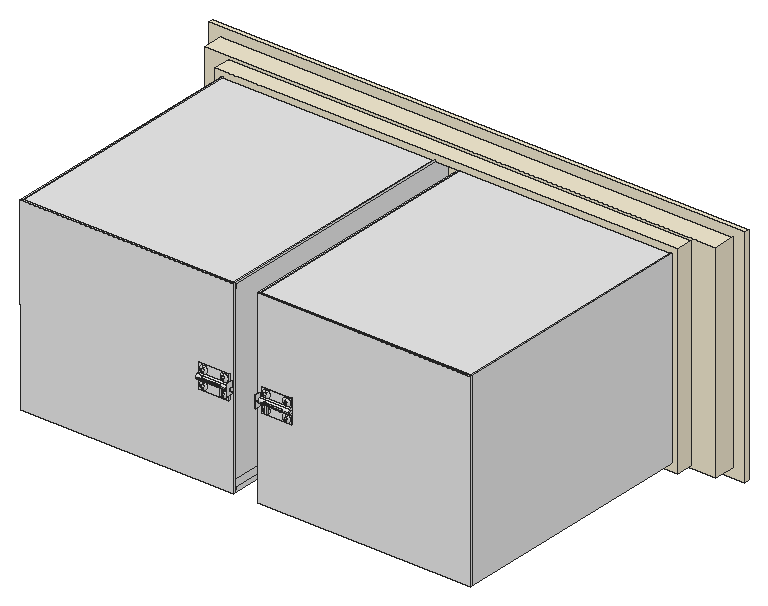
Revit family "Mailboxes_4C-Salsbury_Industries-Rear_Load-3_Door_High_Units", category Specialty Equipment, host Wall, Revit 2016
Family settings
  Host = Wall
  Part Type = Normal
  Round Connector Dimension = Use Diameter
  OmniClass Number = 23.40.90.14.11
  OmniClass Title = Mail Boxes
  Always vertical = Yes
  Cut with Voids When Loaded = No
  Shared = No
  Room Calculation Point = No
Parameters (values of type "3703D-04 RL")
  Width = 31.09766"
  URL = "www.mailboxes.com"
  OmniClass 23 Title = "Mail Boxes"
  OmniClass 23 Number = "23.40.90.14.11"
  Latch Lock-Right Side = yes
  Visible Door Number [instance] = yes
  Vertical Center Divider = yes
  Version = "3.0 (06/30/17)"
  Type Comments = "4C Standard Horizontal Mailbox - Rear Loading"
  Top Back Plate = no
  Right Inside Wall = yes
  Model = "3703D-04 RL"
  MasterFormat Title = "Postal Specialties"
  MasterFormat Number = "10 55 00"
  Manufacturer = "Salsbury Industries"
  Lock Material = Stainless Steel - Salsbury Finish -  Polished
  Left Inside Wall = yes
  Latch Lock-Left Side = yes
  Latch Distance = 5.463"
  Latch Alignment = 14.857"
  Keynote = ""
  Height = 13.000"
  Front Panel Material [instance] = Paint - Salsbury Finish - Sandstone
  Door Slot R3 Number [instance] = "0"
  Door Slot R3 = 3700 Series 4C OM2 Configuration : OM2-RL
  Door Slot R2 Number [instance] = "0"
  Door Slot R2 = 3700 Series 4C Door Configurations : Empty
  Door Slot R1 Number [instance] = "4"
  Door Slot R1 = 3700 Series 4C Door Configurations : MB1 Door
  Door Slot L3 Number [instance] = "3"
  Door Slot L3 = 3700 Series 4C Door Configurations : MB1 Door w/ Divider
  Door Slot L2 Number [instance] = "2"
  Door Slot L2 = 3700 Series 4C Door Configurations : MB1 Door w/ Divider
  Door Slot L1 Number [instance] = "1"
  Door Slot L1 = 3700 Series 4C Door Configurations : MB1 Door
  Description = "3 Door High Unit:  4 MB1, OM2"
  Depth = 17.025"
  Center Extrusion Offset [instance] = 0.000"
  Bottom Back Plate = no
  Back Enclosure Material = Aluminum - Salsbury Finish - Anodized
  Assembly Description = "Mailboxes"
  Assembly Code = "C1030910"
  Above Finished Floor (AFF-Bottom of Unit) [instance] = 26.683"
  Above Finished Floor (AFF-Bottom Shelf) [instance] = 28.000"
Reference planes (in)
  plane 1 "Wall Centerline": y = 0
  plane 2 "Center (Left/Right)": x = 0
  plane 3 "Front": y = 3
  plane 4 "15" AFF": z = 28
  plane 5 "28" AFF": z = 28
  plane 6 "36" AFF": z = 36
  plane 7 "48" AFF": z = 48
  plane 8 "Bottom of Unit": z = 26.683
  plane 9 "Top of Unit": z = 39.683
  plane 10 "Left Side of Unit": x = 15.54883
  plane 11 "Right Side of Unit": x = -15.54883
  plane 12 "28" AFF_Bottom of Unit": z = 26.683
  plane 13 "Top Horiz Trim Align": z = 38.85225
  plane 14 "Bottom Horiz Trim Align": z = 27.515
  plane 15 "Left Trim Align": x = 14.716
  plane 16 "Right Trim Align": x = -14.716
  plane 17 "Left Door Align": x = 14.06641
  plane 18 "Right Door Align": x = -14.06641
  plane 19 "Top Horiz Door Align": z = 38.26125
  plane 20 "Bottom Horiz Door Align": z = 28
  plane 21 "Front Face of Unit": y = 3.265
  plane 22 "Top Housing Align": z = 39.179
  plane 23 "Top Collar Align": z = 39.031
  plane 24 "Top Box Align": z = 38.676
  plane 25 "Vertical Housing Align": y = 1.795
  plane 26 "Vertical Collar Align": y = 0.795
  plane 27 "Back of Unit": y = -13.76
  plane 28 "Bottom Housing Align": z = 27.187
  plane 29 "Bottom Collar Align": z = 27.335
  plane 30 "Bottom Box Align": z = 27.75
  plane 31 "Door Alignment": y = 2.66809
  plane 32 "Right Housing Align": x = -14.84183
  plane 33 "Right Collar Align": x = -13.40883
  plane 34 "Right Box Side Align": x = -13.08083
  plane 35 "Left Housing Align": x = 14.84183
  plane 36 "Left Collar Align": x = 13.40883
  plane 37 "Left Side Box Align": x = 13.08083
  plane 38 "Top Back Plate Align": z = 37.897
  plane 39 "Bottom Back Plate Align": z = 28.499
  plane 40 "Back": y = -3
  plane 41 "RO Left Side": x = 15.17383
  plane 42 "RO Right Side": x = -15.17383
  plane 43 "RO Bottom": z = 27.058
  plane 44 "RO Top": z = 39.308
  plane 45 "Horiz Centerline": z = 42.04237
  plane 46: z = 27.885
  plane 47: x = 12.99983
  plane 48: x = 12.92758
  plane 49 "Center Extrusion": x = 0
  plane 50 "Center Extrusion Offset": x = 0
  plane 51 "Row 3 Top Align": z = 31.5
  plane 52 "Row 2 Top Align": z = 35
  plane 53 "Row 16 Top Align-Private": z = 31.5
  plane 54 "Row 15 Top Align-Private": z = 35
  plane 55 "Row 14 Top Align-Private": z = 38.5
  plane 56 "Row 13 Top Align-Private": z = 42
  plane 57 "Row 12 Top Align-Private": z = 45.5
  plane 58 "Row 11 Top Align-Private": z = 49
  plane 59 "Row 10 Top Align-Private": z = 52.25
  plane 60 "Row 9 Top Align-Private": z = 55.75
  plane 61 "Row 8 Top Align-Private": z = 59.25
  plane 62 "Top of Face Gap": z = 61.25
  plane 63 "Bottom Latch Align": z = 33.213
  plane 64 "Right Latch Align": x = -0.69183
  plane 65 "Left Latch Align": x = 0.69098
  plane 66 "Latch Alignment Edge": x = -15.54883
  plane 67: x = -12.92783
  plane 68: x = -12.99983
  plane 69: y = -13.84203
  plane 70: x = -2
  plane 71: x = -0.7705
  plane 72: x = 0.7705
  plane 73: x = 2
  plane 74: y = -13.67797
  plane 75: x = -0.69098
  plane 76: x = 0.69183
  plane 77: z = 36.397
  plane 78: z = 29.999
  plane 79: z = 38.31729
  plane 80: z = 28.41625
  plane 81: z = 27.446
  plane 82: z = 28.055
Forms (in)
  Extrusion 1, void
    sketch origin (0, 3, 0) x (1, 0, 0) y (0, 0, 1)
      loop
        line (15.17383, 39.308) -> (-15.17383, 39.308) -> (-15.17383, 27.058) -> (15.17383, 27.058) -> (15.17383, 39.308)
    from 0 to 15.27914
  Extrusion 2, solid, material "Paint - Salsbury Finish - Sandstone" <- "Front Panel Material"
    sketch origin (0, 3, 0) x (1, 0, 0) y (0, 0, 1)
      loop
        line (15.54883, 39.683) -> (-15.54883, 39.683) -> (-15.54883, 26.683) -> (15.54883, 26.683) -> (15.54883, 39.683)
    from -0.265 to 0
  Extrusion 3, void
    sketch origin (0, 3.265, 0.00774) x (0, 0, -1) y (-1, 0, 0)
      loop
        line (-38.84451, -14.716) -> (-27.50726, -14.716) -> (-27.50726, 14.716) -> (-38.84451, 14.716) -> (-38.84451, -14.716)
    from -0.265 to 0
  Extrusion 4, solid, material "Paint - Salsbury Finish - Sandstone" <- "Front Panel Material"
    sketch origin (14.98214, 3.265, -1.67978) x (0, 0, -1) y (-1, 0, 0)
      loop
        line (-40.53203, 29.69814) -> (-40.53203, 29.04855) -> (-29.19478, 29.04855) -> (-29.19478, 29.69814) -> (-40.53203, 29.69814)
    from 0 to -0.265
  Extrusion 5, solid, material "Paint - Salsbury Finish - Sandstone" <- "Front Panel Material"
    sketch origin (0, 3.265, 0) x (0, 0, -1) y (-1, 0, 0)
      loop
        line (-27.515, -14.06641) -> (-27.515, 14.06641) -> (-28, 14.06641) -> (-28, -14.06641) -> (-27.515, -14.06641)
    from -0.265 to 0
  Extrusion 6, solid, material "Paint - Salsbury Finish - Sandstone" <- "Front Panel Material"
    sketch origin (0, 3, 84.08475) x (1, 0, 0) y (0, 0, 1)
      loop
        line (-14.84183, -56.89775) -> (14.84183, -56.89775) -> (14.84183, -44.90575) -> (-14.84183, -44.90575) -> (-14.84183, -56.89775)
    from 0 to 1.205
  Extrusion 7, solid, material "Paint - Salsbury Finish - Sandstone" <- "Front Panel Material"
    sketch origin (0, 1.795, 0) x (0, 0, 1) y (-1, 0, 0)
      loop
        line (27.335, 13.40883) -> (27.335, -13.40883) -> (39.031, -13.40883) -> (39.031, 13.40883) -> (27.335, 13.40883)
    from 0 to 1
  Extrusion 8, void
    sketch origin (0, 1.795, 0) x (0, 0, 1) y (-1, 0, 0)
      loop
        line (38.676, 13.08083) -> (27.75, 13.08083) -> (27.75, -13.08083) -> (38.676, -13.08083) -> (38.676, 13.08083)
    from 0 to 1
  Extrusion 9, solid, material "Paint - Salsbury Finish - Sandstone" <- "Front Panel Material"
    sketch origin (0, 3.265, 0) x (0, 0, -1) y (-1, 0, 0)
      loop
        line (-38.85225, -14.716) -> (-27.515, -14.716) -> (-27.515, -14.06641) -> (-38.85225, -14.06641) -> (-38.85225, -14.716)
    from 0 to -0.265
  Extrusion 10, solid, material "Paint - Salsbury Finish - Sandstone" <- "Front Panel Material"
    sketch origin (0, 3.265, 0) x (0, 0, -1) y (-1, 0, 0)
      loop
        line (-38.85225, -14.06641) -> (-38.26125, -14.06641) -> (-38.26125, 14.06641) -> (-38.85225, 14.06641) -> (-38.85225, -14.06641)
    from -0.265 to 0
  Extrusion 11, void
    sketch origin (0, 1.795, 0) x (0, 0, 1) y (-1, 0, 0)
      loop
        line (39.031, -13.40883) -> (39.031, 13.40883) -> (27.335, 13.40883) -> (27.335, -13.40883) -> (39.031, -13.40883)
    from -1.124 to 0
  Extrusion 12, void
    sketch origin (0, 3, 0) x (1, 0, 0) y (0, 0, 1)
      loop
        line (14.06641, 39.031) -> (-14.06641, 39.031) -> (-14.06641, 27.335) -> (14.06641, 27.335) -> (14.06641, 39.031)
    from 0 to 0.33191
  Extrusion 13, solid, material "Aluminum - Salsbury Finish - Anodized" <- "Back Enclosure Material"
    sketch origin (-0.58189, 1.795, 0) x (0, 0, 1) y (-1, 0, 0)
      loop
        line (38.676, 12.49894) -> (27.75, 12.49894) -> (27.75, 12.41794) -> (38.676, 12.41794) -> (38.676, 12.49894)
    from 0 to 15.47297
  Extrusion 14, solid, material "Aluminum - Salsbury Finish - Anodized" <- "Back Enclosure Material", visible <- "Right Inside Wall"
    sketch origin (11.7675, 1.795, 0) x (0, 0, 1) y (-1, 0, 0)
      loop
        line (38.676, 12.538) -> (27.75, 12.538) -> (27.75, 12.45933) -> (38.676, 12.45933) -> (38.676, 12.538)
    from 0 to 15.47297
  Extrusion 15, solid, material "Aluminum - Salsbury Finish - Anodized" <- "Back Enclosure Material"
    sketch origin (0.54283, 1.795, 0) x (0, 0, 1) y (-1, 0, 0)
      loop
        line (38.676, -12.538) -> (38.676, -12.457) -> (27.75, -12.457) -> (27.75, -12.538) -> (38.676, -12.538)
    from 0 to 15.47297
  Extrusion 16, solid, material "Aluminum - Salsbury Finish - Anodized" <- "Back Enclosure Material", visible <- "Left Inside Wall"
    sketch origin (-11.7675, 1.795, 0) x (0, 0, 1) y (-1, 0, 0)
      loop
        line (38.676, -12.538) -> (38.676, -12.45849) -> (27.75, -12.45849) -> (27.75, -12.538) -> (38.676, -12.538)
    from 0 to 15.47297
  Extrusion 17, solid, material "Aluminum - Salsbury Finish - Anodized" <- "Back Enclosure Material"
    sketch origin (0, -13.76, 0) x (0, 0, 1) y (-1, 0, 0)
      loop
        line (38.676, 13.08083) -> (27.75, 13.08083) -> (27.75, -13.08083) -> (38.676, -13.08083) -> (38.676, 13.08083)
    from -0.08203 to 0
  Extrusion 18, solid, material "Aluminum - Salsbury Finish - Anodized" <- "Back Enclosure Material"
    sketch origin (-0.15625, 0, 38.676) x (0, 1, 0) y (-1, 0, 0)
      loop
        line (1.795, 12.84358) -> (-13.67797, 12.84358) -> (-13.67797, -13.15608) -> (1.795, -13.15608) -> (1.795, 12.84358)
    from -0.35871 to 0
  Extrusion 19, void
    sketch origin (0, 0, 38.676) x (0, 1, 0) y (-1, 0, 0)
      loop
        line (1.7325, 12.93342) -> (-13.61547, 12.93342) -> (-13.61547, -12.92758) -> (1.7325, -12.92758) -> (1.7325, 12.93342)
    from -0.0723 to -0.6459
  Extrusion 20, solid, material "Aluminum - Salsbury Finish - Anodized" <- "Back Enclosure Material"
    sketch origin (0, 0, 15.41625) x (1, 0, 0) y (0, 1, 0)
      loop
        line (-12.99983, 1.795) -> (-12.99983, -13.67797) -> (12.99983, -13.67797) -> (12.99983, 1.795) -> (-12.99983, 1.795)
    from 12.46875 to 13
  Extrusion 21, void
    sketch origin (0, 0, 27.91625) x (1, 0, 0) y (0, 1, 0)
      loop
        line (-12.93342, 1.7325) -> (-12.93342, -13.61547) -> (12.92758, -13.61547) -> (12.92758, 1.7325) -> (-12.93342, 1.7325)
    from 0.13875 to -0.47025
  Extrusion 22, solid, material "Aluminum - Salsbury Finish - Anodized" <- "Back Enclosure Material", visible <- "Top Back Plate", detail levels medium+fine
    sketch origin (0, -13.76, 0) x (0, 0, 1) y (-1, 0, 0)
      loop
        line (37.897, 2) -> (36.397, 2) -> (36.397, -2) -> (37.897, -2) -> (37.897, 2)
    from 0 to 0.08203
  Extrusion 23, solid, material "Aluminum - Salsbury Finish - Anodized" <- "Back Enclosure Material", visible <- "Bottom Back Plate", detail levels medium+fine
    sketch origin (0, -13.76, 84.11475) x (0, 0, -1) y (1, 0, 0)
      loop
        line (55.61575, -2) -> (55.61575, 2) -> (54.11575, 2) -> (54.11575, -2) -> (55.61575, -2)
    from 0 to 0.08203
  Extrusion 24, void
    sketch origin (0, 0, 0) x (0, 0, -1) y (0, 1, 0)
      loop
        line (-38.676, 1.795) -> (-38.676, -13.76) -> (-27.75, -13.76) -> (-27.75, 1.795) -> (-27.515, 1.795) -> (-27.515, 3.265) -> (-38.85225, 3.265) -> (-38.85225, 1.795) -> (-38.676, 1.795)
    from -0.69098 to 0.69183
  Extrusion 25, solid, material "Paint - Salsbury Finish - Sandstone" <- "Front Panel Material", visible <- "Vertical Center Divider"
    sketch origin (-0.77934, 3.265, 0) x (0, 0, -1) y (-1, 0, 0)
      loop
        line (-38.85225, -1.47033) -> (-27.515, -1.47033) -> (-27.515, -0.08752) -> (-38.85225, -0.08752) -> (-38.85225, -1.47033)
    from 0 to -1.47
Cuts and joins
  Extrusion 3, Extrusion 11, Extrusion 24 cuts Extrusion 2
  Extrusion 8, Extrusion 11, Extrusion 12, Extrusion 24 cuts Extrusion 5
  Extrusion 8, Extrusion 12, Extrusion 19, Extrusion 24 cuts Extrusion 7
  Extrusion 11, Extrusion 12, Extrusion 24 cuts Extrusion 10
  Extrusion 11, Extrusion 12 cuts Extrusion 6
  Extrusion 12 cuts Extrusion 4
  Extrusion 12 cuts Extrusion 9
  Extrusion 19, Extrusion 21, Extrusion 24 cuts Extrusion 18
  Extrusion 21, Extrusion 24 cuts Extrusion 20
  Extrusion 24 cuts Extrusion 17
  Extrusion 24 cuts Extrusion 22
  Extrusion 24 cuts Extrusion 23
Lines and regions (in)
  model lines
    curve 1: line (15.54883, 3.265, 39.683) -> (14.716, 3.265, 38.85225)
    curve 2: line (-15.54883, 3.265, 39.683) -> (-14.716, 3.265, 38.85225)
    curve 3: line (-15.54883, 3.265, 26.683) -> (-14.716, 3.265, 27.515)
    curve 4: line (15.54883, 3.265, 26.683) -> (14.716, 3.265, 27.515)
  reference lines
    curve 5: line (-14.06641, 2.66809, 26.683) -> (-14.06641, 2.66809, 39.683)
    curve 6: line (14.06641, 2.66809, 26.683) -> (14.06641, 2.66809, 39.683)
  symbolic lines
    curve 7: line (-13.08083, -13.76, 28) -> (13.08083, -13.76, 28)
    curve 8: line (-13.08083, 0.795, 28) -> (-13.08083, -13.76, 28)
    curve 9: line (13.40883, 0.795, 28) -> (-13.40883, 0.795, 28)
    curve 10: line (13.08083, -13.76, 28) -> (13.08083, 0.795, 28)
    curve 11: line (13.40883, 0.795, 28) -> (13.40883, 1.795, 28)
    curve 12: line (-13.40883, 0.795, 28) -> (-13.40883, 1.795, 28)
    curve 13: line (-14.84183, 3, 28) -> (-14.84183, 1.795, 28)
    curve 14: line (-14.84183, 1.795, 28) -> (14.84183, 1.795, 28)
    curve 15: line (14.84183, 1.795, 28) -> (14.84183, 3, 28)
    curve 16: line (-15.54883, 3.265, 28) -> (15.54883, 3.265, 28)
    curve 17: line (-15.54883, 3, 28) -> (-15.54883, 3.265, 28)
    curve 18: line (15.54883, 3, 28) -> (-15.54883, 3, 28)
    curve 19: line (15.54883, 3.265, 28) -> (15.54883, 3, 28)
    curve 20: line (-14.06641, 3.265, 28) -> (-14.06641, 4.43, 28)
    curve 21: line (-14.06641, 4.43, 28) -> (-0.69183, 4.43, 28)
    curve 22: line (-0.69183, 4.43, 28) -> (-0.69183, 3.265, 28)
Text (in)
  text "Placement Side" at (0, 40.15149, 123.01588), in view "Right"
  text "Placement Side" at (-58.6842, 42.74981, 0), in view "Ref. Level"
  text "Placement Side" at (0, 47.49176, 140.59947), in view "Left"
Dimensions and locks (in)
  locked: plane 3 "Front" to host wall
  "Above Finished Floor (AFF-Bottom Shelf)": level to plane 4 "15" AFF"
  locked: level to plane 5 "28" AFF" at 28
  locked: level to plane 6 "36" AFF" at 36
  locked: level to plane 7 "48" AFF" at 48
  equal spacing: plane 11 "Right Side of Unit", plane 2 "Center (Left/Right)", plane 10 "Left Side of Unit"
  plane 8 "Bottom of Unit" to plane 4 "15" AFF" = 1.317"
  "Width": plane 11 "Right Side of Unit" to plane 10 "Left Side of Unit"
  "Height": plane 8 "Bottom of Unit" to plane 9 "Top of Unit"
  plane 12 "28" AFF_Bottom of Unit" to plane 5 "28" AFF" = 1.317"
  locked: plane 15 "Left Trim Align" to plane 10 "Left Side of Unit" at 0.83283
  locked: plane 16 "Right Trim Align" to plane 11 "Right Side of Unit" at 0.83283
  locked: plane 13 "Top Horiz Trim Align" to plane 9 "Top of Unit" at 0.83075
  locked: plane 8 "Bottom of Unit" to plane 14 "Bottom Horiz Trim Align" at 0.832
  plane 17 "Left Door Align" to plane 15 "Left Trim Align" = 0.64959"
  plane 18 "Right Door Align" to plane 16 "Right Trim Align" = 0.64959"
  locked: plane 19 "Top Horiz Door Align" to plane 13 "Top Horiz Trim Align" at 0.591
  locked: plane 14 "Bottom Horiz Trim Align" to plane 20 "Bottom Horiz Door Align" at 0.485
  plane 20 "Bottom Horiz Door Align" to level = 28.000"
  plane 5 "28" AFF" to level = 28.000"
  plane 6 "36" AFF" to level = 36.000"
  plane 7 "48" AFF" to level = 48.000"
  plane 9 "Top of Unit" to plane 8 "Bottom of Unit" = 13.000"
  plane 21 "Front Face of Unit" to host wall = 0.265"
  locked: host wall to plane 25 "Vertical Housing Align" at 1.205
  locked: plane 25 "Vertical Housing Align" to plane 26 "Vertical Collar Align" at 1
  plane 25 "Vertical Housing Align" to plane 27 "Back of Unit" = 15.555"
  "Depth": plane 21 "Front Face of Unit" to plane 27 "Back of Unit"
  locked: plane 9 "Top of Unit" to plane 22 "Top Housing Align" at 0.504
  locked: plane 22 "Top Housing Align" to plane 23 "Top Collar Align" at 0.148
  locked: plane 23 "Top Collar Align" to plane 24 "Top Box Align" at 0.355
  locked: plane 28 "Bottom Housing Align" to plane 8 "Bottom of Unit" at 0.504
  locked: plane 29 "Bottom Collar Align" to plane 28 "Bottom Housing Align" at 0.148
  locked: plane 30 "Bottom Box Align" to plane 29 "Bottom Collar Align" at 0.415
  plane 24 "Top Box Align" to plane 30 "Bottom Box Align" = 10.926"  (x2)
  locked: plane 21 "Front Face of Unit" to plane 31 "Door Alignment" at 0.59691
  plane 11 "Right Side of Unit" to plane 32 "Right Housing Align" to plane 33 "Right Collar Align" to plane 34 "Right Box Side Align" = 0.707" locked, 1.433" locked, 0.328" locked
  plane 37 "Left Side Box Align" to plane 36 "Left Collar Align" to plane 35 "Left Housing Align" to plane 10 "Left Side of Unit" = 0.328" locked, 1.433" locked, 0.707" locked
  plane 11 "Right Side of Unit" to plane 32 "Right Housing Align" to plane 33 "Right Collar Align" to plane 34 "Right Box Side Align" = 0.707", 1.433", 0.328"
  plane 37 "Left Side Box Align" to plane 36 "Left Collar Align" to plane 35 "Left Housing Align" to plane 10 "Left Side of Unit" = 0.328", 1.433", 0.707"
  plane 9 "Top of Unit" to plane 24 "Top Box Align" = 1.007"
  plane 30 "Bottom Box Align" to plane 8 "Bottom of Unit" = 1.067"
  locked: plane 24 "Top Box Align" to plane 38 "Top Back Plate Align" at 0.779
  locked: plane 39 "Bottom Back Plate Align" to plane 30 "Bottom Box Align" at 0.749
  locked: plane 41 "RO Left Side" to plane 10 "Left Side of Unit" at 0.375
  locked: plane 42 "RO Right Side" to plane 11 "Right Side of Unit" at 0.375
  locked: plane 8 "Bottom of Unit" to plane 43 "RO Bottom" at 0.375
  locked: plane 44 "RO Top" to plane 9 "Top of Unit" at 0.375
  Extrusion 13 to Extrusion 13 = 0.081"
  plane 46 to plane 30 "Bottom Box Align" = 0.135"
  Extrusion 15 to Extrusion 15 = 0.081"
  plane 47 to plane 37 "Left Side Box Align" = 0.081"
  plane 48 to plane 47 = 0.07225"
  plane 18 "Right Door Align" to plane 17 "Left Door Align" = 28.13281"
  "Center Extrusion Offset": plane 49 "Center Extrusion" to plane 50 "Center Extrusion Offset"
  plane 20 "Bottom Horiz Door Align" to plane 51 "Row 3 Top Align" to plane 52 "Row 2 Top Align" = 3.500", 3.500" locked
  plane 4 "15" AFF" to plane 53 "Row 16 Top Align-Private" = 3.500"
  plane 53 "Row 16 Top Align-Private" to plane 54 "Row 15 Top Align-Private" to plane 55 "Row 14 Top Align-Private" to plane 56 "Row 13 Top Align-Private" to plane 57 "Row 12 Top Align-Private" to plane 58 "Row 11 Top Align-Private" to plane 59 "Row 10 Top Align-Private" to plane 60 "Row 9 Top Align-Private" to plane 61 "Row 8 Top Align-Private" = 3.500" locked, 3.500" locked, 3.500" locked, 3.500" locked, 3.500" locked, 3.250" locked, 3.500" locked, 3.500" locked
  locked: plane 61 "Row 8 Top Align-Private" to plane 62 "Top of Face Gap" at 2
  "Above Finished Floor (AFF-Bottom of Unit)": level to plane 8 "Bottom of Unit"
  locked: plane 64 "Right Latch Align" to plane 65 "Left Latch Align" at 1.38281
  "Latch Distance": plane 63 "Bottom Latch Align" to plane 30 "Bottom Box Align"
  "Latch Alignment": plane 66 "Latch Alignment Edge" to plane 64 "Right Latch Align"
  curve 15 to curve 19 = 0.707"
  plane 34 "Right Box Side Align" to plane 68 to plane 67 = 0.081", 0.072"
  plane 69 to plane 27 "Back of Unit" = 0.08203"
  plane 27 "Back of Unit" to plane 74 = 0.08203"
  cut or joined group of Extrusion 6, Extrusion 11, Extrusion 12 to Extrusion 25 = 11.66525"
  plane 70 to plane 71 to plane 64 "Right Latch Align" to plane 50 "Center Extrusion Offset" = 1.2295", 0.07867", 0.69183"
  plane 50 "Center Extrusion Offset" to plane 65 "Left Latch Align" to plane 72 to plane 73 = 0.69098", 0.07952", 1.2295"
  plane 75 to plane 49 "Center Extrusion" to plane 76 = 0.69098" locked, 0.69183" locked
  plane 11 "Right Side of Unit" to Extrusion 2 = 31.09766"
  plane 10 "Left Side of Unit" to Extrusion 6 = 30.39066"
  plane 38 "Top Back Plate Align" to plane 77 = 1.500"
  plane 78 to plane 39 "Bottom Back Plate Align" = 1.500"
  plane 4 "15" AFF" to Extrusion 13 = 10.676"
  plane 4 "15" AFF" to Extrusion 14 = 10.676"
  Extrusion 14 to Extrusion 16 = 10.926"
  Extrusion 16 to Extrusion 15 = 10.926"
  locked: plane 79 to plane 24 "Top Box Align" at 0.35871
  plane 14 "Bottom Horiz Trim Align" to plane 80 = 0.90125"
  plane 81 to plane 30 "Bottom Box Align" to plane 82 = 0.304" locked, 0.305" locked
  aligned and locked: plane 8 "Bottom of Unit" to Extrusion 2 sketch curve
  aligned and locked: plane 10 "Left Side of Unit" to Extrusion 2 sketch curve
  aligned and locked: Extrusion 2 sketch curve to plane 11 "Right Side of Unit"
  aligned and locked: Extrusion 2 sketch curve to plane 9 "Top of Unit"
  aligned and locked: plane 21 "Front Face of Unit" to Extrusion 2
  aligned and locked: Extrusion 4 to plane 16 "Right Trim Align"
  aligned and locked: plane 18 "Right Door Align" to Extrusion 4
  aligned and locked: plane 13 "Top Horiz Trim Align" to Extrusion 4
  aligned and locked: Extrusion 5 to plane 14 "Bottom Horiz Trim Align"
  aligned and locked: Extrusion 5 to plane 17 "Left Door Align"
  aligned and locked: plane 20 "Bottom Horiz Door Align" to Extrusion 5
  aligned and locked: Extrusion 5 to plane 18 "Right Door Align"
  aligned and locked: plane 34 "Right Box Side Align" to Extrusion 17 sketch curve
  aligned and locked: Extrusion 17 sketch curve to plane 24 "Top Box Align"
  aligned and locked: Extrusion 17 sketch curve to plane 37 "Left Side Box Align"
  aligned and locked: plane 30 "Bottom Box Align" to Extrusion 17 sketch curve
  aligned and locked: plane 25 "Vertical Housing Align" to Extrusion 18 sketch curve
  aligned and locked: Extrusion 18 sketch curve to plane 47
  aligned and locked: plane 48 to Extrusion 19
  aligned and locked: plane 47 to cut or joined group of Extrusion 18, Extrusion 19, Extrusion 21, Extrusion 24
  aligned and locked: plane 25 "Vertical Housing Align" to Extrusion 20 sketch curve
  aligned and locked: Extrusion 20 sketch curve to plane 47
  aligned and locked: plane 48 to cut or joined group of Extrusion 20, Extrusion 21, Extrusion 24
  aligned and locked: plane 17 "Left Door Align" to cut or joined group of Extrusion 9, Extrusion 12
  aligned and locked: plane 25 "Vertical Housing Align" to Extrusion 25
  aligned and locked: plane 21 "Front Face of Unit" to Extrusion 25
  aligned and locked: nested 1 to plane 52 "Row 2 Top Align"
  aligned and locked: nested 4 to plane 17 "Left Door Align"
  aligned and locked: nested 4 to plane 52 "Row 2 Top Align"
  aligned and locked: plane 31 "Door Alignment" to nested 4  (x2)
  aligned and locked: nested 5 to plane 17 "Left Door Align"
  aligned and locked: nested 5 to plane 51 "Row 3 Top Align"
  aligned and locked: plane 31 "Door Alignment" to nested 5  (x2)
  aligned and locked: nested 3 to curve 5
  aligned and locked: nested 6 to curve 6
  aligned and locked: nested 5 to curve 6
  aligned and locked: nested 4 to curve 6
  aligned and locked: plane 31 "Door Alignment" to nested 3
  aligned and locked: plane 31 "Door Alignment" to nested 6
  aligned and locked: plane 31 "Door Alignment" to nested 2
  aligned and locked: nested 1 to curve 5
  aligned and locked: nested 2 to curve 5
  aligned and locked: plane 31 "Door Alignment" to nested 1
  aligned and locked: plane 63 "Bottom Latch Align" to nested 7
  aligned and locked: plane 64 "Right Latch Align" to nested 7
  aligned and locked: plane 11 "Right Side of Unit" to plane 66 "Latch Alignment Edge"
  aligned and locked: nested 7 to plane 27 "Back of Unit"
  aligned and locked: plane 37 "Left Side Box Align" to curve 10
  aligned and locked: plane 27 "Back of Unit" to curve 7
  aligned and locked: curve 8 to plane 34 "Right Box Side Align"
  aligned and locked: curve 9 to plane 26 "Vertical Collar Align"
  aligned and locked: curve 13 to cut or joined group of Extrusion 6, Extrusion 11, Extrusion 12
  aligned and locked: curve 14 to cut or joined group of Extrusion 6, Extrusion 11, Extrusion 12
  aligned and locked: curve 15 to cut or joined group of Extrusion 6, Extrusion 11, Extrusion 12
  aligned and locked: nested 1 to curve 20
  aligned and locked: plane 64 "Right Latch Align" to curve 22
  aligned and locked: plane 21 "Front Face of Unit" to cut or joined group of Extrusion 2, Extrusion 3, Extrusion 11, Extrusion 24
  aligned and locked: plane 3 "Front" to cut or joined group of Extrusion 2, Extrusion 3, Extrusion 11, Extrusion 24
  aligned and locked: plane 35 "Left Housing Align" to cut or joined group of Extrusion 6, Extrusion 11, Extrusion 12  (x2)
  aligned and locked: plane 25 "Vertical Housing Align" to cut or joined group of Extrusion 6, Extrusion 11, Extrusion 12
  aligned and locked: cut or joined group of Extrusion 6, Extrusion 11, Extrusion 12 to plane 3 "Front"
  aligned and locked: cut or joined group of Extrusion 6, Extrusion 11, Extrusion 12 to plane 32 "Right Housing Align"
  aligned and locked: plane 26 "Vertical Collar Align" to cut or joined group of Extrusion 7, Extrusion 8, Extrusion 12, Extrusion 19, Extrusion 24
  aligned and locked: cut or joined group of Extrusion 7, Extrusion 8, Extrusion 12, Extrusion 19, Extrusion 24 to plane 33 "Right Collar Align"
  aligned and locked: cut or joined group of Extrusion 7, Extrusion 8, Extrusion 12, Extrusion 19, Extrusion 24 to plane 25 "Vertical Housing Align"
  aligned and locked: plane 36 "Left Collar Align" to cut or joined group of Extrusion 7, Extrusion 8, Extrusion 12, Extrusion 19, Extrusion 24
  aligned and locked: plane 37 "Left Side Box Align" to Extrusion 15
  aligned and locked: Extrusion 15 to plane 47  (x2)
  aligned and locked: plane 27 "Back of Unit" to cut or joined group of Extrusion 17, Extrusion 24
  aligned and locked: Extrusion 13 to plane 34 "Right Box Side Align"
  aligned and locked: plane 37 "Left Side Box Align" to cut or joined group of Extrusion 17, Extrusion 24
  aligned and locked: plane 68 to Extrusion 13
  aligned and locked: cut or joined group of Extrusion 18, Extrusion 19, Extrusion 21, Extrusion 24 to plane 68
  aligned and locked: plane 69 to cut or joined group of Extrusion 22, Extrusion 24
  aligned and locked: plane 69 to cut or joined group of Extrusion 23, Extrusion 24
  aligned and locked: cut or joined group of Extrusion 22, Extrusion 24 to plane 27 "Back of Unit"
  aligned and locked: cut or joined group of Extrusion 23, Extrusion 24 to plane 27 "Back of Unit"
  aligned and locked: plane 72 to Extrusion 16
  aligned and locked: Extrusion 14 to plane 71
  aligned and locked: plane 73 to cut or joined group of Extrusion 22, Extrusion 24
  aligned and locked: plane 70 to cut or joined group of Extrusion 22, Extrusion 24  (x2)
  aligned and locked: plane 70 to cut or joined group of Extrusion 23, Extrusion 24  (x2)
  aligned and locked: cut or joined group of Extrusion 23, Extrusion 24 to plane 73  (x2)
  aligned and locked: plane 74 to cut or joined group of Extrusion 17, Extrusion 24
  aligned and locked: plane 74 to cut or joined group of Extrusion 18, Extrusion 19, Extrusion 21, Extrusion 24
  aligned and locked: Extrusion 15 to plane 25 "Vertical Housing Align"
  aligned and locked: Extrusion 16 to plane 25 "Vertical Housing Align"
  aligned and locked: Extrusion 14 to plane 25 "Vertical Housing Align"
  aligned and locked: Extrusion 13 to plane 25 "Vertical Housing Align"
  aligned and locked: plane 74 to Extrusion 15
  aligned and locked: plane 74 to Extrusion 16
  aligned and locked: plane 74 to Extrusion 14
  aligned and locked: plane 74 to Extrusion 13
  aligned and locked: Extrusion 14 to plane 64 "Right Latch Align"
  aligned and locked: plane 13 "Top Horiz Trim Align" to cut or joined group of Extrusion 9, Extrusion 12
  aligned and locked: cut or joined group of Extrusion 9, Extrusion 12 to plane 15 "Left Trim Align"
  aligned and locked: cut or joined group of Extrusion 9, Extrusion 12 to plane 14 "Bottom Horiz Trim Align"
  aligned and locked: cut or joined group of Extrusion 4, Extrusion 12 to plane 14 "Bottom Horiz Trim Align"
  aligned and locked: cut or joined group of Extrusion 10, Extrusion 11, Extrusion 12, Extrusion 24 to plane 17 "Left Door Align"
  aligned and locked: cut or joined group of Extrusion 10, Extrusion 11, Extrusion 12, Extrusion 24 to plane 18 "Right Door Align"
  aligned and locked: cut or joined group of Extrusion 10, Extrusion 11, Extrusion 12, Extrusion 24 to plane 19 "Top Horiz Door Align"
  aligned and locked: plane 13 "Top Horiz Trim Align" to cut or joined group of Extrusion 10, Extrusion 11, Extrusion 12, Extrusion 24
  aligned and locked: plane 21 "Front Face of Unit" to cut or joined group of Extrusion 9, Extrusion 12
  aligned and locked: plane 3 "Front" to cut or joined group of Extrusion 9, Extrusion 12
  aligned and locked: plane 21 "Front Face of Unit" to cut or joined group of Extrusion 4, Extrusion 12
  aligned and locked: plane 3 "Front" to cut or joined group of Extrusion 4, Extrusion 12
  aligned and locked: plane 13 "Top Horiz Trim Align" to Extrusion 25
  aligned and locked: Extrusion 25 to plane 14 "Bottom Horiz Trim Align"
  aligned and locked: plane 64 "Right Latch Align" to Extrusion 25
  aligned and locked: Extrusion 25 to plane 65 "Left Latch Align"
  aligned and locked: plane 65 "Left Latch Align" to Extrusion 16
  aligned and locked: plane 75 to Extrusion 24
  aligned and locked: plane 76 to Extrusion 24
  aligned and locked: plane 27 "Back of Unit" to Extrusion 24
  aligned and locked: plane 21 "Front Face of Unit" to Extrusion 24
  aligned and locked: nested 7 to plane 64 "Right Latch Align"
  aligned and locked: plane 9 "Top of Unit" to curve 5
  aligned and locked: plane 8 "Bottom of Unit" to curve 5
  aligned and locked: plane 8 "Bottom of Unit" to curve 6
  aligned and locked: curve 6 to plane 17 "Left Door Align"
  aligned and locked: plane 22 "Top Housing Align" to cut or joined group of Extrusion 6, Extrusion 11, Extrusion 12
  aligned and locked: plane 28 "Bottom Housing Align" to cut or joined group of Extrusion 6, Extrusion 11, Extrusion 12
  aligned and locked: cut or joined group of Extrusion 7, Extrusion 8, Extrusion 12, Extrusion 19, Extrusion 24 to plane 29 "Bottom Collar Align"
  aligned and locked: plane 23 "Top Collar Align" to cut or joined group of Extrusion 7, Extrusion 8, Extrusion 12, Extrusion 19, Extrusion 24
  aligned and locked: plane 10 "Left Side of Unit" to curve 1
  aligned and locked: plane 9 "Top of Unit" to curve 1
  aligned and locked: plane 15 "Left Trim Align" to curve 1
  aligned and locked: plane 13 "Top Horiz Trim Align" to curve 1
  aligned and locked: plane 11 "Right Side of Unit" to curve 2
  aligned and locked: plane 9 "Top of Unit" to curve 2
  aligned and locked: plane 16 "Right Trim Align" to curve 2
  aligned and locked: plane 13 "Top Horiz Trim Align" to curve 2
  aligned and locked: plane 10 "Left Side of Unit" to curve 4
  aligned and locked: plane 8 "Bottom of Unit" to curve 4
  aligned and locked: plane 15 "Left Trim Align" to curve 4
  aligned and locked: plane 14 "Bottom Horiz Trim Align" to curve 4
  aligned and locked: plane 8 "Bottom of Unit" to curve 3
  aligned and locked: plane 11 "Right Side of Unit" to curve 3
  aligned and locked: plane 16 "Right Trim Align" to curve 3
  aligned and locked: plane 14 "Bottom Horiz Trim Align" to curve 3
  aligned and locked: cut or joined group of Extrusion 22, Extrusion 24 to plane 38 "Top Back Plate Align"
  aligned and locked: cut or joined group of Extrusion 22, Extrusion 24 to plane 73
  aligned and locked: plane 77 to cut or joined group of Extrusion 22, Extrusion 24
  aligned and locked: cut or joined group of Extrusion 23, Extrusion 24 to plane 39 "Bottom Back Plate Align"
  aligned and locked: plane 78 to cut or joined group of Extrusion 23, Extrusion 24
  aligned and locked: plane 24 "Top Box Align" to Extrusion 13
  aligned and locked: Extrusion 13 to plane 30 "Bottom Box Align"
  aligned and locked: plane 24 "Top Box Align" to Extrusion 14
  aligned and locked: Extrusion 14 to plane 30 "Bottom Box Align"
  aligned and locked: Extrusion 16 to plane 30 "Bottom Box Align"
  aligned and locked: plane 24 "Top Box Align" to Extrusion 16
  aligned and locked: plane 24 "Top Box Align" to Extrusion 15
  aligned and locked: Extrusion 15 to plane 30 "Bottom Box Align"
  aligned and locked: plane 24 "Top Box Align" to cut or joined group of Extrusion 18, Extrusion 19, Extrusion 21, Extrusion 24
  aligned and locked: plane 79 to cut or joined group of Extrusion 18, Extrusion 19, Extrusion 21, Extrusion 24
  aligned and locked: cut or joined group of Extrusion 20, Extrusion 21, Extrusion 24 to plane 46
  aligned and locked: plane 80 to cut or joined group of Extrusion 20, Extrusion 21, Extrusion 24
  aligned and locked: plane 74 to cut or joined group of Extrusion 20, Extrusion 21, Extrusion 24
  aligned and locked: cut or joined group of Extrusion 20, Extrusion 21, Extrusion 24 to plane 68
  aligned and locked: plane 21 "Front Face of Unit" to cut or joined group of Extrusion 5, Extrusion 8, Extrusion 11, Extrusion 12, Extrusion 24
  aligned and locked: plane 3 "Front" to cut or joined group of Extrusion 5, Extrusion 8, Extrusion 11, Extrusion 12, Extrusion 24
  aligned and locked: plane 21 "Front Face of Unit" to cut or joined group of Extrusion 10, Extrusion 11, Extrusion 12, Extrusion 24
  aligned and locked: plane 3 "Front" to cut or joined group of Extrusion 10, Extrusion 11, Extrusion 12, Extrusion 24
  aligned and locked: plane 51 "Row 3 Top Align" to nested 2
  aligned and locked: plane 20 "Bottom Horiz Door Align" to nested 3
  aligned and locked: plane 20 "Bottom Horiz Door Align" to nested 6
  aligned and locked: Extrusion 21 to plane 82
  aligned and locked: plane 81 to Extrusion 21
  aligned and locked: plane 63 "Bottom Latch Align" to nested 8
  aligned and locked: plane 65 "Left Latch Align" to nested 8
Automatic sketch dimensions
  Extrusion 1 sketch curve to plane 42 "RO Right Side" = 0.000"
  plane 41 "RO Left Side" to Extrusion 1 sketch curve = 0.000"
  Extrusion 1 sketch curve to plane 43 "RO Bottom" = 0.000"
  Extrusion 1 sketch curve to plane 44 "RO Top" = 0.000"
  Extrusion 6 sketch curve to plane 22 "Top Housing Align" = 0.000"
  plane 32 "Right Housing Align" to Extrusion 6 sketch curve = 0.000"
  Extrusion 6 sketch curve to plane 35 "Left Housing Align" = 0.000"
  Extrusion 6 sketch curve to plane 28 "Bottom Housing Align" = 0.000"
  Extrusion 7 sketch curve to plane 29 "Bottom Collar Align" = 0.000"
  plane 23 "Top Collar Align" to Extrusion 7 sketch curve = 0.000"
  plane 36 "Left Collar Align" to Extrusion 7 sketch curve = 0.000"
  Extrusion 7 sketch curve to plane 33 "Right Collar Align" = 0.000"
  Extrusion 8 sketch curve to plane 30 "Bottom Box Align" = 0.000"
  Extrusion 8 sketch curve to plane 24 "Top Box Align" = 0.000"
  Extrusion 8 sketch curve to plane 37 "Left Side Box Align" = 0.000"
  plane 34 "Right Box Side Align" to Extrusion 8 sketch curve = 0.000"
  Extrusion 11 sketch curve to plane 29 "Bottom Collar Align" = 0.000"
  Extrusion 11 sketch curve to plane 23 "Top Collar Align" = 0.000"
  plane 36 "Left Collar Align" to Extrusion 11 sketch curve = 0.000"
  plane 33 "Right Collar Align" to Extrusion 11 sketch curve = 0.000"
  Extrusion 13 sketch curve to plane 30 "Bottom Box Align" = 0.000"
  plane 24 "Top Box Align" to Extrusion 13 sketch curve = 0.000"
  Extrusion 13 sketch curve to plane 34 "Right Box Side Align" = 0.000"
  Extrusion 13 sketch curve to Extrusion 13 sketch curve = 0.081"
  plane 30 "Bottom Box Align" to Extrusion 15 sketch curve = 0.000"
  Extrusion 15 sketch curve to plane 24 "Top Box Align" = 0.000"
  plane 37 "Left Side Box Align" to Extrusion 15 sketch curve = 0.000"
  plane 37 "Left Side Box Align" to Extrusion 15 sketch curve = 0.081"
  Extrusion 18 sketch curve to plane 27 "Back of Unit" = 0.08203"
  plane 34 "Right Box Side Align" to Extrusion 18 sketch curve = 0.081"
  plane 34 "Right Box Side Align" to Extrusion 20 sketch curve = 0.081"
  Extrusion 20 sketch curve to plane 27 "Back of Unit" = 0.08203"
  Extrusion 3 sketch curve to plane 13 "Top Horiz Trim Align" = 0.000"
  Extrusion 3 sketch curve to plane 14 "Bottom Horiz Trim Align" = 0.000"
  plane 15 "Left Trim Align" to Extrusion 3 sketch curve = 0.000"
  Extrusion 3 sketch curve to plane 16 "Right Trim Align" = 0.000"
  Extrusion 4 sketch curve to plane 13 "Top Horiz Trim Align" = 0.000"
  plane 14 "Bottom Horiz Trim Align" to Extrusion 4 sketch curve = 0.000"
  plane 16 "Right Trim Align" to Extrusion 4 sketch curve = 0.000"
  Extrusion 4 sketch curve to plane 18 "Right Door Align" = 0.000"
  plane 13 "Top Horiz Trim Align" to Extrusion 9 sketch curve = 0.000"
  Extrusion 9 sketch curve to plane 14 "Bottom Horiz Trim Align" = 0.000"
  Extrusion 9 sketch curve to plane 15 "Left Trim Align" = 0.000"
  plane 17 "Left Door Align" to Extrusion 9 sketch curve = 0.000"
  plane 13 "Top Horiz Trim Align" to Extrusion 10 sketch curve = 0.000"
  Extrusion 10 sketch curve to plane 17 "Left Door Align" = 0.000"
  Extrusion 10 sketch curve to plane 18 "Right Door Align" = 0.000"
  Extrusion 10 sketch curve to plane 19 "Top Horiz Door Align" = 0.000"
  Extrusion 12 sketch curve to plane 18 "Right Door Align" = 0.000"
  plane 17 "Left Door Align" to Extrusion 12 sketch curve = 0.000"
  Extrusion 12 sketch curve to plane 29 "Bottom Collar Align" = 0.000"
  Extrusion 12 sketch curve to plane 23 "Top Collar Align" = 0.000"
  Extrusion 14 sketch curve to plane 30 "Bottom Box Align" = 0.000"
  plane 24 "Top Box Align" to Extrusion 14 sketch curve = 0.000"
  Extrusion 14 sketch curve to plane 2 "Center (Left/Right)" = 0.69183"
  Extrusion 14 sketch curve to Extrusion 14 sketch curve = 0.07867"
  plane 30 "Bottom Box Align" to Extrusion 16 sketch curve = 0.000"
  Extrusion 16 sketch curve to plane 24 "Top Box Align" = 0.000"
  Extrusion 16 sketch curve to plane 2 "Center (Left/Right)" = 0.69098"
  Extrusion 16 sketch curve to Extrusion 16 sketch curve = 0.07952"
  Extrusion 19 sketch curve to plane 48 = 0.000"
  Extrusion 19 sketch curve to plane 27 "Back of Unit" = 0.14453"
  plane 25 "Vertical Housing Align" to Extrusion 19 sketch curve = 0.0625"
  plane 34 "Right Box Side Align" to Extrusion 19 sketch curve = 0.14741"
  Extrusion 21 sketch curve to plane 48 = 0.000"
  plane 25 "Vertical Housing Align" to Extrusion 21 sketch curve = 0.0625"
  plane 34 "Right Box Side Align" to Extrusion 21 sketch curve = 0.14741"
  Extrusion 21 sketch curve to plane 27 "Back of Unit" = 0.14453"
  Extrusion 22 sketch curve to plane 38 "Top Back Plate Align" = 0.000"
  plane 38 "Top Back Plate Align" to Extrusion 22 sketch curve = 1.500"
  plane 2 "Center (Left/Right)" to Extrusion 22 sketch curve = 2.000"
  Extrusion 22 sketch curve to plane 2 "Center (Left/Right)" = 2.000"
  Extrusion 23 sketch curve to plane 39 "Bottom Back Plate Align" = 0.000"
  Extrusion 23 sketch curve to plane 39 "Bottom Back Plate Align" = 1.500"
  Extrusion 23 sketch curve to plane 2 "Center (Left/Right)" = 2.000"
  plane 2 "Center (Left/Right)" to Extrusion 23 sketch curve = 2.000"
  plane 13 "Top Horiz Trim Align" to Extrusion 25 sketch curve = 0.000"
  Extrusion 25 sketch curve to plane 14 "Bottom Horiz Trim Align" = 0.000"
  plane 2 "Center (Left/Right)" to Extrusion 25 sketch curve = 0.69098"
  Extrusion 25 sketch curve to plane 2 "Center (Left/Right)" = 0.69183"
  plane 4 "15" AFF" to Extrusion 5 sketch curve = 0.000"
  Extrusion 5 sketch curve to plane 14 "Bottom Horiz Trim Align" = 0.000"
  Extrusion 5 sketch curve to plane 17 "Left Door Align" = 0.000"
  Extrusion 5 sketch curve to plane 18 "Right Door Align" = 0.000"
  curve 9 to plane 33 "Right Collar Align" = 0.000"
  curve 11 to plane 36 "Left Collar Align" = 0.000"
  plane 21 "Front Face of Unit" to curve 21 = 1.165"
  curve 18 to host wall = 0.000"
  curve 18 to plane 11 "Right Side of Unit" = 0.000"
  curve 16 to plane 21 "Front Face of Unit" = 0.000"
  Extrusion 24 sketch curve to plane 13 "Top Horiz Trim Align" = 0.000"
  Extrusion 24 sketch curve to plane 24 "Top Box Align" = 0.000"
  Extrusion 24 sketch curve to plane 27 "Back of Unit" = 0.000"
  Extrusion 24 sketch curve to plane 30 "Bottom Box Align" = 0.000"
  Extrusion 24 sketch curve to plane 14 "Bottom Horiz Trim Align" = 0.000"
  Extrusion 24 sketch curve to plane 25 "Vertical Housing Align" = 0.000"  (x2)
  Extrusion 24 sketch curve to plane 21 "Front Face of Unit" = 0.000"
  curve 6 to plane 9 "Top of Unit" = 0.000"
  curve 5 to plane 18 "Right Door Align" = 0.000"
Nested families (in)
  nested 1: "3700 Series 4C Door Configurations" at (-7.37891, 2.79505, 35) x (-1, 0, 0) z (0, 0, 1), type <- "Door Slot R1", Door Number <- "Door Slot R1 Number", type "MB1 Door"
    with Door Number "4"
  nested 2: "3700 Series 4C Door Configurations" at (-7.37891, 2.79505, 31.5) x (-1, 0, 0) z (0, 0, 1), type <- "Door Slot R2", Door Number <- "Door Slot R2 Number", type "Empty"
    with Door Number "0"
  nested 3: "3700 Series 4C OM2 Configuration" at (-7.37891, 2.79505, 28) x (-1, 0, 0) z (0, 0, 1), type <- "Door Slot R3", Door Number <- "Door Slot R3 Number", type "OM2-RL"
    with Door Number "0"
  nested 4: "3700 Series 4C Door Configurations" at (7.37891, 2.79505, 35) x (-1, 0, 0) z (0, 0, 1), type <- "Door Slot L1", Door Number <- "Door Slot L1 Number", type "MB1 Door"
    with Door Number "1"
  nested 5: "3700 Series 4C Door Configurations" at (7.37891, 2.79505, 31.5) x (-1, 0, 0) z (0, 0, 1), type <- "Door Slot L2", Door Number <- "Door Slot L2 Number", type "MB1 Door w/ Divider"
    with Door Number "2"
  nested 6: "3700 Series 4C Door Configurations" at (7.37891, 2.79505, 28) x (-1, 0, 0) z (0, 0, 1), type <- "Door Slot L3", Door Number <- "Door Slot L3 Number", type "MB1 Door w/ Divider"
    with Door Number "3"
  nested 7: "4C Latch Lock" at (-1.81683, -13.882, 32.5255) x (-1, 0, 0) z (0, 0, 1), visible <- "Latch Lock-Right Side", type "Lock Latch"
  nested 8: "4C Latch Lock-Left" at (1.81598, -13.882, 32.5255) x (-1, 0, 0) z (0, 0, 1), visible <- "Latch Lock-Left Side", type "Lock Latch"
Definition of nested family "3700 Series 4C Door Configurations"
  Parameters (values of type "MB3 Door")
    Weight = "15 lbs."
    Visible Door Number = yes
    URL = ""
    Model = "3700MB3"
    Manufacturer = "Salsbury Industries"
    Lock Material = none
    Inset Offset = 0.000"
    Front Panel Material = none
    Door Width = 13.375"
    Door Visibility-MB1 = yes
    Door Number [instance] = "101"
    Door Lock = yes
    Door Height = 10.23047"
    Door Divider = no
    Door Depth = 0.25391"
    Description = "MB3 Door for 3700 Series 4C Mailboxes"
    Cost = 0
    Center Lock-Vertical = 0.875"
    Center Lock-Horizontal = 1.61523"
  Types (11): name | Weight | Visible Door Number | Model | Inset Offset | Door Visibility-MB1 | Door Lock | Door Height | Door Divider | Description
    MB1 Door w/ Divider | "5 lbs." | yes | "3700MB1" | 0.000" | yes | yes | 3.23047" | yes | "MB1 Door for 3700 Series 4C Mailboxes"
    MB1 Door | "5 lbs." | yes | "3700MB1" | 0.000" | yes | yes | 3.23047" | no | "MB1 Door for 3700 Series 4C Mailboxes"
    MB2 Door | "10 lbs." | yes | "3700MB2" | 0.000" | yes | yes | 6.73047" | no | "MB2 Door for 3700 Series 4C Mailboxes"
    MB2 Door w/ Divider | "10 lbs." | yes | "3700MB2" | 0.000" | yes | yes | 6.73047" | yes | "MB2 Door for 3700 Series 4C Mailboxes"
    MB3 Door | "15 lbs." | yes | "3700MB3" | 0.000" | yes | yes | 10.23047" | no | "MB3 Door for 3700 Series 4C Mailboxes"
    MB3 Door w/ Divider | "15 lbs." | yes | "3700MB3" | 0.000" | yes | yes | 10.23047" | yes | "MB3 Door for 3700 Series 4C Mailboxes"
    MB4 Door | "20 lbs." | yes | "3700MB4" | 0.000" | yes | yes | 13.73047" | no | "MB4 Door for 3700 Series 4C Mailboxes"
    MB4 Door w/ Divider | "20 lbs." | yes | "3700MB4" | 0.000" | yes | yes | 13.73047" | yes | "MB4 Door for 3700 Series 4C Mailboxes"
    Blank Door | "5 lbs." | no | "3700MB1" | 0.18359" | yes | no | 3.23047" | no | "MB1 Door for 3700 Series 4C Mailboxes"
    Blank Door w/ Divider | "5 lbs." | no | "3700MB1" | 0.18402" | yes | no | 3.23047" | yes | "MB1 Door for 3700 Series 4C Mailboxes"
    Empty | "5 lbs." | no | "Empty MB1" | 0.18359" | no | no | 3.23047" | no | "Empty MB1 Door for 3700 Series 4C Mailboxes"
  Reference planes (in)
    plane 1 "Center (Front/Back)": y = 0
    plane 2 "Bottom of Door": z = 0
    plane 3 "Center (Left/Right)": x = 0
    plane 4 "Left Side Face of Door": x = -6.6875
    plane 5 "Right Side Face of Door": x = 6.6875
    plane 6 "Back Face of Door": y = 0.12695
    plane 7 "Front Face of Door": y = -0.12695
    plane 8: z = 10.23047
    plane 9: z = 5.11523
    plane 10 "Face of Divider": y = -0.46995
    plane 11 "Center Lock Vertical": x = -5.8125
    plane 12 "Center Lock Horizontal": z = 1.61523
    plane 13 "Face of Lock": y = -0.42383
    plane 14 "Divider Height Align": z = 10.50047
    plane 15 "Inset Center": x = -0.0975
    plane 16 "Inset Offset": y = -0.12695
    plane 17: z = 5.49038
    plane 18: z = 4.74072
  Forms (in)
    Extrusion 1, solid, material <- "Front Panel Material", visible <- "Door Visibility-MB1"
      sketch origin (0, 0, 0) x (1, 0, 0) y (0, 1, 0)
        loop
          line (-6.4355, 0.12695) -> (-6.6875, -0.05445) -> (-6.6875, -0.12695) -> (6.05625, -0.12695)
          arc (6.05625, -0.12695) -> (6.19558, -0.17661) -> (6.27209, -0.3032) r 0.22029
          arc (6.27209, -0.3032) -> (6.3553, -0.42132) -> (6.4925, -0.46664) r 0.23034
          arc (6.4925, -0.46664) -> (6.63039, -0.40952) -> (6.6875, -0.27164) r 0.195
          line (6.6875, -0.27164) -> (6.6875, 0.12695) -> (-6.4355, 0.12695)
      from 0 to 10.23047
    Blend 2, solid, material <- "Lock Material", visible <- "Door Lock"
      base sketch origin (0, -0.12695, 0) x (-1, 0, 0) y (0, 0, 1)
        loop
          circle (5.8125, 5.11523) r 0.525
      top sketch origin (0, -0.12695, 0) x (-1, 0, 0) y (0, 0, 1)
        loop
          circle (5.8125, 5.11523) r 0.485
      from 0 to -0.29688
    Extrusion 3, solid, material <- "Front Panel Material", visible <- "Door Divider"
      sketch origin (0, 0, 10.50047) x (-1, 0, 0) y (0, -1, 0)
        loop
          line (6.6875, -0.12695) -> (6.6875, 0.46995) -> (-6.6875, 0.46995) -> (-6.6875, -0.12695) -> (6.6875, -0.12695)
      from -0.27 to 0
    Extrusion 4, void, detail levels fine
      sketch origin (0, -0.42383, 0) x (1, 0, 0) y (0, 0, 1)
        loop
          circle (-5.8125, 4.99523) r 0.285
      from 0 to -0.01562
    Extrusion 5, void, detail levels fine
      sketch origin (0, -0.42383, 0) x (1, 0, 0) y (0, 0, 1)
        loop
          line (-5.84183, 5.12353) -> (-5.84183, 4.82353) -> (-5.78183, 4.82353) -> (-5.78183, 5.12353) -> (-5.84183, 5.12353)
      from 0 to -0.03906
    Extrusion 6, void, detail levels fine
      sketch origin (0, -0.12695, 0) x (0, 0, 1) y (-1, 0, 0)
        loop
          arc (5.86523, 0.8475) -> (5.82862, 0.93589) -> (5.74023, 0.9725) r 0.125
          line (5.74023, 0.9725) -> (4.49023, 0.9725)
          arc (4.49023, 0.9725) -> (4.40185, 0.93589) -> (4.36523, 0.8475) r 0.125
          line (4.36523, 0.8475) -> (4.36523, -0.6525)
          arc (4.36523, -0.6525) -> (4.40185, -0.74089) -> (4.49023, -0.7775) r 0.125
          line (4.49023, -0.7775) -> (5.74023, -0.7775)
          arc (5.74023, -0.7775) -> (5.82862, -0.74089) -> (5.86523, -0.6525) r 0.125
          line (5.86523, -0.6525) -> (5.86523, 0.8475)
      from 0 to -0.03906
  Cuts and joins
    Extrusion 4, Extrusion 5 cuts Blend 2
    Extrusion 6 cuts Extrusion 1
  Lines and regions (in)
    symbolic lines
      curve 1: circle (-5.8125, 0, 5.11523) r 0.53054 normal (0, -1, 0)
  Dimensions and locks (in)
    equal spacing: plane 6 "Back Face of Door", plane 1 "Center (Front/Back)", plane 7 "Front Face of Door"
    "Door Depth": plane 6 "Back Face of Door" to plane 7 "Front Face of Door"
    equal spacing: plane 4 "Left Side Face of Door", plane 3 "Center (Left/Right)", plane 5 "Right Side Face of Door"  (x2)
    "Door Width": plane 4 "Left Side Face of Door" to plane 5 "Right Side Face of Door"
    locked: plane 7 "Front Face of Door" to plane 10 "Face of Divider" at 0.343
    "Center Lock-Vertical": plane 4 "Left Side Face of Door" to plane 11 "Center Lock Vertical"
    "Inset Offset": plane 16 "Inset Offset" to plane 7 "Front Face of Door"
    plane 4 "Left Side Face of Door" to plane 5 "Right Side Face of Door" = 13.375"
    plane 6 "Back Face of Door" to plane 10 "Face of Divider" = 0.59691"
    "Door Height": plane 8 to plane 2 "Bottom of Door"
    equal spacing: plane 8, plane 9, plane 2 "Bottom of Door"
    locked: plane 14 "Divider Height Align" to plane 8 at 0.27
    plane 17 to plane 9 to plane 18 = 0.37515" locked, 0.37452" locked
    aligned and locked: level to plane 2 "Bottom of Door"
    aligned and locked: plane 4 "Left Side Face of Door" to Extrusion 1
    aligned and locked: plane 6 "Back Face of Door" to Extrusion 1
    aligned and locked: plane 7 "Front Face of Door" to Extrusion 1
    aligned and locked: plane 8 to Extrusion 1
    aligned and locked: Extrusion 3 sketch curve to plane 4 "Left Side Face of Door"
    aligned and locked: Extrusion 3 sketch curve to plane 6 "Back Face of Door"
    aligned and locked: plane 5 "Right Side Face of Door" to Extrusion 3 sketch curve
    aligned and locked: Extrusion 3 to plane 8
    aligned and locked: plane 10 "Face of Divider" to Extrusion 3 sketch curve
    aligned and locked: plane 14 "Divider Height Align" to Extrusion 3
    aligned and locked: cut or joined group of Extrusion 1, Extrusion 6 to plane 2 "Bottom of Door"
    aligned and locked: plane 18 to text3d elem
  Automatic sketch dimensions
    Extrusion 1 sketch curve to plane 4 "Left Side Face of Door" = 0.000"
    Extrusion 1 sketch curve to plane 6 "Back Face of Door" = 0.000"
    Extrusion 1 sketch curve to plane 7 "Front Face of Door" = 0.000"
    Extrusion 1 sketch curve to plane 5 "Right Side Face of Door" = 0.000"
    Extrusion 1 sketch curve to plane 4 "Left Side Face of Door" = 0.252"
    plane 5 "Right Side Face of Door" to Extrusion 1 sketch curve = 0.63125"
    Extrusion 1 sketch curve to plane 7 "Front Face of Door" = 0.10935"
    plane 5 "Right Side Face of Door" to Extrusion 1 sketch curve = 0.195"
    Extrusion 1 sketch curve to plane 7 "Front Face of Door" = 0.14468"
    plane 10 "Face of Divider" to Extrusion 1 sketch curve = 0.12271"
    plane 1 "Center (Front/Back)" to Extrusion 1 sketch curve = 0.05445"
    plane 10 "Face of Divider" to Extrusion 1 sketch curve = 0.16676"
    Blend 2 sketch curve to plane 9 = 0.000"  (x2)
    plane 11 "Center Lock Vertical" to Blend 2 sketch curve = 0.000"  (x2)
    plane 11 "Center Lock Vertical" to Extrusion 4 sketch curve = 0.000"
    Extrusion 4 sketch curve to plane 9 = 0.120"
    Extrusion 4 sketch curve to Extrusion 4 sketch curve = 0.285"
    plane 11 "Center Lock Vertical" to Extrusion 5 sketch curve = 0.02933"
    Extrusion 5 sketch curve to plane 11 "Center Lock Vertical" = 0.03067"
    Extrusion 5 sketch curve to plane 9 = 0.2917"
    plane 9 to Extrusion 5 sketch curve = 0.0083"
    Extrusion 6 sketch curve to plane 9 = 0.750"
    Extrusion 6 sketch curve to Extrusion 6 sketch curve = 0.125"  (x3)
    plane 9 to Extrusion 6 sketch curve = 0.625"  (x2)
    plane 3 "Center (Left/Right)" to Extrusion 6 sketch curve = 0.7775"
    plane 15 "Inset Center" to Extrusion 6 sketch curve = 0.750"
    curve 1 to plane 9 = 0.000"
    plane 11 "Center Lock Vertical" to curve 1 = 0.000"
    radius of Blend 2 sketch curve = 0.525"
    radius of Blend 2 sketch curve = 0.485"
    radius of curve 1 = 0.53054"
Definition of nested family "3700 Series 4C OM2 Configuration"
  Parameters (values of type "OM2-RL")
    Weight = ""
    URL = ""
    Access Lock Offset = 0.3125"
    Access Lock = no
    Model = "3700OM2-RL"
    Manufacturer = "Salsbury Industries"
    Lock Material = none
    Front Panel Material = none
    Door Width = 13.375"
    Door Number [instance] = "101"
    Door Height = 7.00047"
    Door Depth = 0.25391"
    Description = "OM2 Door for 3700 Series 4C Mailboxes-Rear Loading"
    Cost = 0
    Center Lock-Vertical = 2.360"
    Center Lock-Horizontal = 1.61523"
  Types (3): name | Access Lock Offset | Access Lock | Model | Description
    (no name) | 0.3125" | no | "3700OM2-RL" | "OM2 Door for 3700 Series 4C Mailboxes-Rear Loading"
    OM2-FL | 0.000" | yes | "3700OM2-FL" | "OM2 Door for 3700 Series 4C Mailboxes-Front Loading"
    OM2-RL | 0.3125" | no | "3700OM2-RL" | "OM2 Door for 3700 Series 4C Mailboxes-Rear Loading"
  Reference planes (in)
    plane 1 "Center (Front/Back)": y = 0
    plane 2 "Bottom of Door": z = 0
    plane 3 "Center (Left/Right)": x = 0
    plane 4 "Left Side Face of Door": x = -6.6875
    plane 5 "Right Side Face of Door": x = 6.6875
    plane 6 "Back Face of Door": y = 0.12695
    plane 7 "Front Face of Door": y = -0.12695
    plane 8: z = 3.23047
    plane 9: z = 1.61523
    plane 10: y = -0.46995
    plane 11 "Center Lock Vertical": x = -4.3275
    plane 12 "Center Lock Horizontal": z = 1.61523
    plane 13 "Face of Lock": y = -0.42383
    plane 14 "Divider Height Align": z = 3.50047
    plane 15 "Plate Center": x = -0.16063
    plane 16 "Left Stud Align": x = -5.7025
    plane 17 "Right Stud Align": x = -2.8895
    plane 18 "Top Stud Align": z = 2.27147
    plane 19 "Bottom Stud Align": z = 0.95947
    plane 20 "Hinge Stud Align": x = 5.6875
    plane 21 "Mail Plate Top": z = 2.61547
    plane 22 "Mail Plate Bottom": z = 0.61547
    plane 23: x = -2.1595
    plane 24: x = 1.8405
    plane 25 "Face of Mail Plate": y = -0.16602
    plane 26 "Top of Mail Drop Door": z = 6.73094
    plane 27 "Top of Mail Drop Divider": z = 7.00047
    plane 28 "Face of Mail Drop": y = -0.31995
    plane 29 "Top of Mail Slot": z = 6.42087
    plane 30 "Bottom of Mail Slot": z = 5.67087
    plane 31 "Left Edge of Mail Slot": x = -5.3755
    plane 32 "Right Edge of Mail Slot": x = 5.3755
    plane 33 "Mail Slot Bottom Protusion": z = 6.50987
    plane 34: y = -0.49395
    plane 35: z = 6.15637
    plane 36 "Front of Awning": y = -1.63495
    plane 37: y = -1.15685
    plane 38 "Mail Slot Slope": through (-240, -0.44582, 6.9722) normal (0, -0.5, 0.866)
    plane 39 "Access Lock Offset": y = 0.43945
  Forms (in)
    Extrusion 1, solid, material <- "Front Panel Material"
      sketch origin (0, 0, 0) x (1, 0, 0) y (0, 1, 0)
        loop
          line (-6.4355, 0.12695) -> (-6.6875, -0.05445) -> (-6.6875, -0.12695) -> (6.05625, -0.12695)
          arc (6.05625, -0.12695) -> (6.19558, -0.17661) -> (6.27209, -0.3032) r 0.22029
          arc (6.27209, -0.3032) -> (6.3553, -0.42132) -> (6.4925, -0.46664) r 0.23034
          arc (6.4925, -0.46664) -> (6.63039, -0.40952) -> (6.6875, -0.27164) r 0.195
          line (6.6875, -0.27164) -> (6.6875, 0.12695) -> (-6.4355, 0.12695)
      from 0 to 3.23047
    Extrusion 2, solid, material <- "Front Panel Material"
      sketch origin (0, 0, 3.50047) x (-1, 0, 0) y (0, -1, 0)
        loop
          line (6.6875, -0.12695) -> (6.6875, 0.46995) -> (-6.6875, 0.46995) -> (-6.6875, -0.12695) -> (6.6875, -0.12695)
      from -0.27 to 0
    Extrusion 3, void
      sketch origin (0, 0.43945, 0) x (0, 0, -1) y (-1, 0, 0)
        loop
          circle (-1.61523, 4.3275) r 0.4375
      from 0 to -0.25391
    Extrusion 4, solid, material <- "Lock Material", visible <- "Access Lock"
      sketch origin (0, 0.43945, 0) x (0, 0, -1) y (-1, 0, 0)
        loop
          circle (-1.61523, 4.3275) r 0.42913
      from 0 to -0.25391
    Extrusion 5, void, detail levels fine
      sketch origin (0, 0.12695, 3.4) x (-1, 0, 0) y (0, 0, 1)
        loop
          line (4.3568, -1.47517) -> (4.2982, -1.47517) -> (4.2982, -2.09436) -> (4.3568, -2.09436) -> (4.3568, -1.47517)
      from -0.12695 to -0.25391
    Blend 6, solid, material <- "Front Panel Material", detail levels medium+fine
      base sketch origin (0, -0.12695, 2.68123) x (-1, 0, 0) y (0, 0, 1)
        loop
          circle (5.7025, -0.40977) r 0.15665
      top sketch origin (0, -0.12695, 2.68123) x (-1, 0, 0) y (0, 0, 1)
        loop
          circle (5.7025, -0.40977) r 0.3125
      from -0.11328 to 0
    Blend 7, solid, material <- "Front Panel Material", detail levels medium+fine
      base sketch origin (1.3125, -0.12695, 2.68123) x (-1, 0, 0) y (0, 0, 1)
        loop
          circle (4.202, -0.40977) r 0.15665
      top sketch origin (1.3125, -0.12695, 2.68123) x (-1, 0, 0) y (0, 0, 1)
        loop
          circle (4.202, -0.40977) r 0.3125
      from -0.11328 to 0
    Blend 8, solid, material <- "Front Panel Material", detail levels medium+fine
      base sketch origin (0, -0.12695, 1.36923) x (-1, 0, 0) y (0, 0, 1)
        loop
          circle (5.7025, -0.40977) r 0.15665
      top sketch origin (0, -0.12695, 1.36923) x (-1, 0, 0) y (0, 0, 1)
        loop
          circle (5.7025, -0.40977) r 0.3125
      from -0.11328 to 0
